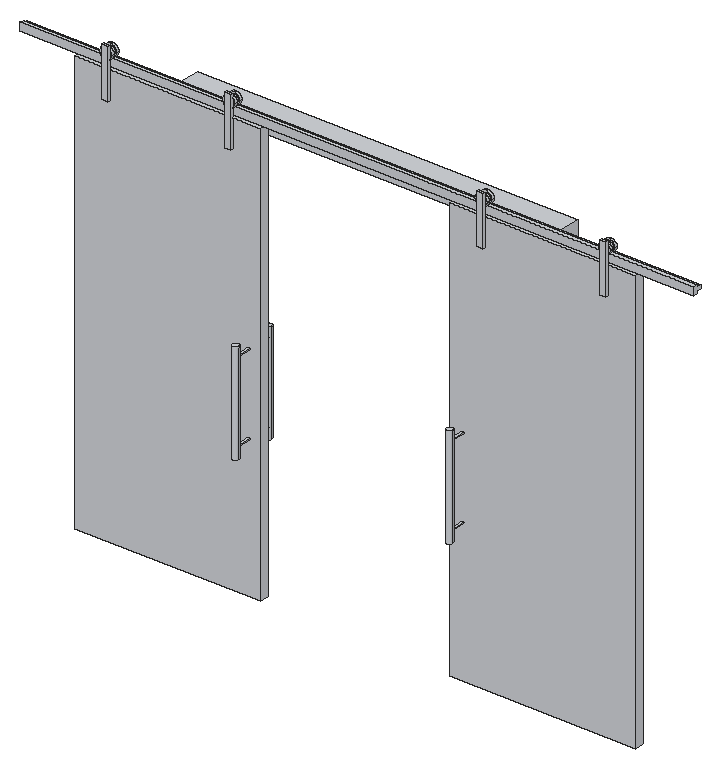
Revit family "Porta de correr sem revestimento - 2 Painéis com trilho de aço inoxidável", category Portas, Revit 2019
Family settings
  Hospedeiro = Parede
  Número OmniClass = 23.30.10.00
  Título OmniClass = Doors
  Sempre na vertical = Sim
  Corte com vazios quando carregada = Não
  Compartilhado = Não
  Ponto de cálculo do ambiente = Não
Parameters (values of type "920 x 2100mm")
  Visual Light Transmittance = 0
  Solar Heat Gain Coefficient = 0
  Comprimento da peça deslizante = Largura + Largura do painel * 2 + 90 mm  # 3810 mm
  Material da apara = none
  Espessura = 45 mm
  Largura bruta = Largura - 80 mm  # 1800 mm
  Rough Height = Height  # 2100 mm
  Material da peça deslizante = none
  Largura do painel = (Largura - 40 mm) / 2  # 920 mm
  Material do painel = none
  ID do tipo de construção = ""
  Coeficiente de transferência de calor (U) = 3.7021 W/(m²·K)
  Material do puxador = none
  Função = Interior
  Height = 2100 mm
  Fechamento da parede = Por hospedeiro
  Largura = 1880 mm
  Largura da estrutura = 50 mm
  Material da moldura = none
  Largura estendida = Largura do painel - 190 mm  # 730 mm
  Construction Type = ""
  Analytic Construction = (empty or 0)
Types (5, lengths in mm): name | Comprimento da peça deslizante | Largura bruta | Largura do painel | Largura | Largura estendida
  (no name) | 3810 | 1800 | 920 | 1880 | 730
  620 x 2100mm | 2610 | 1200 | 620 | 1280 | 430
  720 x 2100mm | 3010 | 1400 | 720 | 1480 | 530
  820 x 2100mm | 3410 | 1600 | 820 | 1680 | 630
  920 x 2100mm | 3810 | 1800 | 920 | 1880 | 730
Reference planes
  plane 1 "Centro (Frente/Trás)": y = 0
  plane 2 "Centro (Esquerda/Direita)": x = 0
  plane 3 "Esquerda": x = -940
  plane 4 "Direita": x = 940
  plane 5: z = 2100
  plane 6 "Exterior": y = 75
  plane 7 "Interior": y = -75
  plane 8: z = 0
  plane 9: z = 1050
  plane 10: y = -80
  plane 11: y = -125
  plane 12: z = 2150
  plane 13: x = -890
  plane 14: x = 1670
  plane 15: x = 2375
  plane 16: x = -470
  plane 17: x = 470
  plane 18: x = 1390
  plane 19: x = 610
  plane 20: x = 1250
  plane 21: x = -1390
  plane 22: x = -1670
  plane 23: x = -610
  plane 24: x = -1250
  plane 25: z = 2150
  plane 26: y = -105
  plane 27: z = 2165
  plane 28: y = -105
  plane 29: x = -530
  plane 30: x = 530
  plane 31: z = 900
  plane 32: x = -930
  plane 33: x = -792.5
  plane 34: x = -1067.5
  plane 35: through (-1067.5, -300, 1050) normal (-0.5, 0, 0.866)
  plane 36: through (-1067.5, -300, 1050) normal (0.5, 0, 0.866)
  plane 37: x = 930
  plane 38: x = 792.5
  plane 39: x = 1067.5
  plane 40: through (1067.5, -300, 1050) normal (-0.5, 0, -0.866)
  plane 41: through (1067.5, -300, 1050) normal (0.5, 0, -0.866)
Forms (mm)
  Sweep 1, solid, material <- "Material da moldura", detail levels medium+fine
    path origin (0, -75, 0) x (1, 0, 0) y (0, 0, 1)
      loop
        line (-940, 0) -> (-940, 2100) -> (940, 2100) -> (940, 0)
    profile origin (-940, -75, 1050) x (-1, 0, 0) y (0, -1, 0)
      loop
        line (0, -150) -> (0, 0) -> (-50, 0) -> (-50, -150) -> (0, -150)
  Sweep 2, solid, material <- "Material da apara"
    path origin (-1150, -75, 0) x (1, 0, 0) y (0, 0, 1)
      loop
        line (-520, 2145) -> (2820, 2145)
    profile origin (0, -75, 2145) x (0, 0, 1) y (0, -1, 0)
      loop
        line (0, 40) -> (-40, 40) -> (-40, 20) -> (-30, 20) -> (-30, 0) -> (-10, 0) -> (-10, 20) -> (0, 20) -> (0, 40)
  Extrusion 3, solid, material <- "Material do painel"
    sketch origin (0, 0, 0) x (1, 0, 0) y (0, 1, 0)
      loop
        line (470, -125) -> (1390, -125) -> (1390, -80) -> (470, -80) -> (470, -125)
    from 0 to 2100
  Extrusion 4, solid, material <- "Material do painel"
    sketch origin (0, 0, 0) x (1, 0, 0) y (0, 1, 0)
      loop
        line (-1390, -80) -> (-1390, -125) -> (-470, -125) -> (-470, -80) -> (-1390, -80)
    from 0 to 2100
Lines and regions (mm)
  Opening 1
    outline origin (-3050, -75, 0) x (1, 0, 0) y (0, 0, 1)
      loop
        line (2110, 0) -> (3990, 0) -> (3990, 2100) -> (2110, 2100) -> (2110, 0)
  symbolic lines, style "Giro da elevação"
    curve 1: line (1390, -75, 2100) -> (470, -75, 0)
    curve 2: line (1390, -75, 0) -> (470, -75, 2100)
    curve 3: line (-470, -75, 2100) -> (-1390, -75, 0)
    curve 4: line (-470, -75, 0) -> (-1390, -75, 2100)
  symbolic lines, style "Seta"
    curve 5: line (-1067.5, -75, 1050) -> (-792.5, -75, 1050)
    curve 6: line (-1067.5, -75, 1050) -> (-989.558, -75, 1095)
    curve 7: line (-1067.5, -75, 1050) -> (-989.558, -75, 1005)
    curve 8: line (1067.5, -75, 1050) -> (792.5, -75, 1050)
    curve 9: line (1067.5, -75, 1050) -> (989.558, -75, 1095)
    curve 10: line (1067.5, -75, 1050) -> (989.558, -75, 1005)
  symbolic lines, style "Recortar", detail levels fine
    curve 11: line (0, -97.772, 2142.043) -> (0, -112.772, 2142.043)
    curve 12: line (0, -97.772, 2108.367) -> (0, -97.772, 2142.043)
    curve 13: line (0, -112.772, 2108.367) -> (0, -97.772, 2108.367)
    curve 14: line (0, -112.772, 2142.043) -> (0, -112.772, 2108.367)
    curve 15: line (0, -112.772, 2142.043) -> (0, -97.772, 2108.367)
    curve 16: line (0, -97.772, 2142.043) -> (0, -112.772, 2108.367)
Text (mm)
  text "Externo" at (-2295.016, 1099.543, 0), in view "Nível de referência"
  text "Externo" at (0, 1615.38, 3698.081), in view "Esquerda"
  text "Externo" at (0, 1036.032, 3874.932), in view "Direita"
Dimensions and locks
  equal spacing: plane 3 "Esquerda", plane 2 "Centro (Esquerda/Direita)", plane 4 "Direita"
  "Largura": plane 3 "Esquerda" to plane 4 "Direita"
  "Height": plane 5 to host wall
  host wall to plane 5 = 2100 mm  (x2)
  locked: plane 6 "Exterior" to host wall at 0
  locked: plane 7 "Interior" to host wall
  equal spacing: level, plane 9, plane 5
  locked: plane 7 "Interior" to plane 10 at 5
  "Espessura": plane 10 to plane 11
  locked: plane 12 to plane 5 at 50
  "Largura da estrutura": plane 3 "Esquerda" to plane 13
  plane 5 to plane 12 = 50 mm
  "Largura estendida": plane 4 "Direita" to plane 14
  "Largura do painel": plane 17 to plane 18
  locked: plane 19 to plane 17 at 140
  locked: plane 18 to plane 20 at 140
  "Largura do painel": plane 21 to plane 16
  equal spacing: plane 3 "Esquerda", plane 16, plane 2 "Centro (Esquerda/Direita)"
  equal spacing: plane 2 "Centro (Esquerda/Direita)", plane 17, plane 4 "Direita"
  "Largura estendida": plane 22 to plane 3 "Esquerda"
  locked: plane 16 to plane 23 at 140
  locked: plane 24 to plane 21 at 140
  locked: plane 26 to plane 11 at 20
  locked: plane 27 to plane 5 at 65
  locked: plane 28 to plane 11 at 20
  locked: plane 29 to plane 16 at 60
  locked: plane 17 to plane 30 at 60
  locked: plane 8 to plane 31 at 900
  equal spacing: plane 16, plane 32, plane 21
  locked: plane 34 to plane 33 at 275
  equal spacing: plane 34, plane 32, plane 33
  locked: curve 6 to curve 6 at 90
  locked: curve 7 to curve 7 at 90
  equal spacing: plane 17, plane 37, plane 18
  locked: plane 39 to plane 38 at 275
  equal spacing: plane 39, plane 37, plane 38
  locked: curve 9 to curve 9 at 90
  locked: curve 10 to curve 10 at 90
  locked: plane 9 to plane 35 (angle 30.00°)
  locked: plane 36 to plane 9 (angle 30.00°)
  locked: plane 40 to plane 9 (angle 30.00°)
  locked: plane 9 to plane 41 (angle 30.00°)
  aligned and locked: plane 3 "Esquerda" to Opening 1 sketch curve
  aligned and locked: plane 5 to Opening 1 sketch curve  (x2)
  aligned and locked: Opening 1 sketch curve to plane 4 "Direita"
  aligned and locked: Opening 1 sketch curve to level
  aligned and locked: plane 1 "Centro (Frente/Trás)" to host wall
  aligned and locked: level to plane 8
  aligned and locked: Sweep 1 sketch curve to plane 3 "Esquerda"
  aligned and locked: plane 4 "Direita" to Sweep 1 sketch curve
  aligned and locked: Sweep 1 sketch curve to plane 13
  aligned and locked: plane 6 "Exterior" to Sweep 1 sketch curve
  aligned and locked: Sweep 1 sketch curve to plane 7 "Interior"
  aligned and locked: Extrusion 3 to plane 17
  aligned and locked: plane 18 to Extrusion 3
  aligned and locked: Extrusion 3 to plane 10
  aligned and locked: Extrusion 3 to plane 11
  aligned and locked: Extrusion 3 to plane 5
  aligned and locked: level to curve 1
  aligned and locked: plane 17 to curve 1
  aligned and locked: level to curve 2
  aligned and locked: plane 18 to curve 2
  aligned and locked: plane 18 to curve 1
  aligned and locked: plane 5 to curve 1
  aligned and locked: plane 17 to curve 2
  aligned and locked: plane 5 to curve 2
  aligned and locked: nested 1 to plane 19
  aligned and locked: nested 2 to plane 20
  aligned and locked: Extrusion 4 sketch curve to plane 10
  aligned and locked: plane 11 to Extrusion 4 sketch curve
  aligned and locked: Extrusion 4 sketch curve to plane 16
  aligned and locked: plane 21 to Extrusion 4 sketch curve
  aligned and locked: Extrusion 4 to plane 5
  aligned and locked: level to curve 3
  aligned and locked: plane 21 to curve 3
  aligned and locked: level to curve 4
  aligned and locked: plane 16 to curve 4
  aligned and locked: plane 16 to curve 3
  aligned and locked: plane 5 to curve 3
  aligned and locked: plane 5 to curve 4
  aligned and locked: plane 21 to curve 4
  aligned and locked: Extrusion 4 to plane 11
  aligned and locked: plane 10 to Extrusion 4
  aligned and locked: plane 14 to Sweep 2
  aligned and locked: plane 22 to Sweep 2 sketch curve
  aligned and locked: plane 14 to Sweep 2 sketch curve
  aligned and locked: plane 23 to nested 3
  aligned and locked: nested 4 to plane 24
  aligned and locked: plane 25 to plane 12
  aligned and locked: plane 27 to nested 4
  aligned and locked: plane 27 to nested 3
  aligned and locked: plane 27 to nested 1
  aligned and locked: plane 27 to nested 2
  aligned and locked: plane 11 to nested 4
  aligned and locked: nested 4 to Sweep 2
  aligned and locked: plane 11 to nested 3
  aligned and locked: nested 3 to Sweep 2
  aligned and locked: plane 11 to nested 1
  aligned and locked: nested 1 to Sweep 2
  aligned and locked: plane 11 to nested 2
  aligned and locked: nested 2 to Sweep 2
  aligned and locked: nested 4 to Sweep 2 sketch curve
  aligned and locked: Sweep 2 sketch curve to nested 4  (x2)
  aligned and locked: Sweep 1 sketch curve to plane 5
  aligned and locked: plane 29 to nested 5
  aligned and locked: plane 11 to nested 5
  aligned and locked: plane 30 to nested 6
  aligned and locked: plane 11 to nested 6
  aligned and locked: plane 31 to nested 6
  aligned and locked: plane 31 to nested 5
  aligned and locked: curve 6 to plane 35
  aligned and locked: plane 36 to curve 7
  aligned and locked: plane 40 to curve 9
  aligned and locked: curve 10 to plane 41
Automatic sketch dimensions
  Sweep 1 sketch curve to level = 0 mm  (x2)
  Sweep 1 sketch curve to profile plane = 0 mm
  Sweep 2 sketch curve to plane 12 = 5 mm
  Sweep 2 sketch curve to plane 7 "Interior" = 0 mm
  profile plane to Sweep 2 sketch curve = 0 mm
  profile plane to Sweep 2 sketch curve = 10 mm
  Sweep 2 sketch curve to Sweep 2 sketch curve = 20 mm
  Sweep 2 sketch curve to Sweep 2 sketch curve = 10 mm
  Extrusion 3 sketch curve to plane 10 = 0 mm
  Extrusion 3 sketch curve to plane 17 = 0 mm
  Extrusion 3 sketch curve to plane 18 = 0 mm
  plane 11 to Extrusion 3 sketch curve = 0 mm
  curve 5 to plane 33 = 0 mm
  plane 38 to curve 8 = 0 mm
  curve 14 to plane 26 = 7.772 mm
  plane 26 to curve 12 = 7.228 mm
  curve 16 to plane 5 = 8.367 mm
  curve 11 to plane 12 = 7.957 mm
Nested families
  nested 1: "Peça deslizante da porta" at (623.971, -95, 2165), Frame Material <- "Construction Type", type "Peça deslizante da porta", detail levels medium+fine
  nested 2: "Peça deslizante da porta" at (1233.971, -95, 2165), Frame Material <- "Construction Type", type "Peça deslizante da porta", detail levels medium+fine
  nested 3: "Peça deslizante da porta" at (-626.029, -95, 2165), Frame Material <- "Construction Type", type "Peça deslizante da porta", detail levels medium+fine
  nested 4: "Peça deslizante da porta" at (-1236.029, -95, 2165), Frame Material <- "Construction Type", type "Peça deslizante da porta", detail levels medium+fine
  nested 5: "Maçaneta da porta 4" at (-530, -102.5, 900), type "Altura 500 mm", detail levels fine
  nested 6: "Maçaneta da porta 4" at (530, -102.5, 900), type "Altura 500 mm", detail levels fine
Definition of nested family "Peça deslizante da porta"
  Parameters
    Material da peça deslizante = none
    Espessura do painel = 45 mm
  Reference planes
    plane 1 "Centro (Frente/Trás)": y = 0
    plane 2: z = 0
    plane 3 "Centro (Esquerda/Direita)": x = 0
    plane 4: y = 0
    plane 5: y = -10
    plane 6: y = -20
    plane 7: y = -30
    plane 8: z = 30
    plane 9: z = 40
    plane 10: z = -205
    plane 11: y = 10
    plane 12: y = -40
    plane 13: z = -20
  Forms (mm)
    Extrusion 1, solid, material <- "Material da peça deslizante"
      sketch origin (0, 0, 0) x (1, 0, 0) y (0, 0, 1)
        loop
          circle (0, 0) r 30
      from -10 to 0
    Extrusion 2, solid, material <- "Material da peça deslizante"
      sketch origin (0, 0, 0) x (1, 0, 0) y (0, 0, 1)
        loop
          circle (0, 0) r 20
      from 0 to 20
    Extrusion 3, solid, material <- "Material da peça deslizante"
      sketch origin (0, 0, 0) x (1, 0, 0) y (0, 0, 1)
        loop
          line (16.029, 40) -> (-13.971, 40) -> (-13.971, -205) -> (16.029, -205) -> (16.029, 40)
      from 30 to 40
    Extrusion 4, solid, material <- "Material da peça deslizante"
      sketch origin (0, 0, 0) x (1, 0, 0) y (0, 0, 1)
        loop
          circle (0, 0) r 30
      from 20 to 30
  Dimensions and locks
    locked: plane 9 to plane 8 at 10
    locked: plane 9 to plane 10 at 245
    plane 2 to plane 13 = 20 mm
    aligned and locked: level to plane 2
    aligned and locked: plane 4 to Extrusion 1
    aligned and locked: Extrusion 2 to plane 4
    aligned and locked: plane 9 to Extrusion 3
    aligned and locked: Extrusion 3 to plane 10
    aligned and locked: plane 11 to Extrusion 1
    aligned and locked: Extrusion 4 to plane 6
    aligned and locked: plane 7 to Extrusion 4
Definition of nested family "Maçaneta da porta 4"
  Parameters
    Espessura do painel = 45 mm
    Material do puxador = none
    Raio do puxador = 15 mm
    Altura do puxador = 500 mm
    Profundidade do puxador = 80 mm
    Raio do conector = 5 mm
    Altura do conector = Altura do puxador - 100 mm  # 400 mm
    Assembly Code = ""
  Reference planes
    plane 1 "Centro (Frente/Trás)": y = 0
    plane 2: z = 0
    plane 3 "Centro (Esquerda/Direita)": x = 0
    plane 4: z = 250
    plane 5: y = -102.5
    plane 6: z = -250
    plane 7: z = 200
    plane 8: z = -200
    plane 9: y = -22.5
    plane 10: y = 22.5
    plane 11: y = 102.5
  Forms (mm)
    Extrusion 1, solid, material <- "Material do puxador"
      sketch origin (0, -30.569, 0) x (1, 0, 0) y (0, 1, 0)
        loop
          circle (0, -71.931) r 15
      from -250 to 250
    Extrusion 2, solid, material <- "Material do puxador"
      sketch origin (0, 0, 0) x (1, 0, 0) y (0, 0, 1)
        loop
          circle (0, 200) r 5
        loop
          circle (0, -200) r 5
      from 22.5 to 102.5
    Extrusion 3, solid, material <- "Material do puxador"
      sketch origin (0, 0, 0) x (1, 0, 0) y (0, 0, -1)
        loop
          circle (0, -200) r 5
        loop
          circle (0, 200) r 5
      from 22.5 to 102.5
    Extrusion 4, solid, material <- "Material do puxador"
      sketch origin (0, 30.569, 0) x (1, 0, 0) y (0, 1, 0)
        loop
          circle (0, 71.931) r 15
      from -250 to 250
  Dimensions and locks
    equal spacing: plane 4, plane 2, plane 6
    "Altura do puxador": plane 4 to plane 6
    equal spacing: plane 7, plane 2, plane 8
    "Altura do conector": plane 7 to plane 8
    equal spacing: plane 9, plane 1 "Centro (Frente/Trás)", plane 10
    "Profundidade do puxador": plane 9 to plane 5
    "Profundidade do puxador": plane 10 to plane 11
    "Espessura do painel": plane 9 to plane 10
    "Raio do puxador": radius of Extrusion 1 sketch curve
    "Raio do conector": radius of Extrusion 2 sketch curve  (x2)
    "Raio do conector": radius of Extrusion 3 sketch curve  (x2)
    "Raio do puxador": radius of Extrusion 4 sketch curve
    aligned and locked: plane 6 to Extrusion 1
    aligned and locked: plane 4 to Extrusion 1
    aligned: Extrusion 2 to plane 5
    aligned and locked: Extrusion 2 to plane 5  (x2)
    aligned and locked: plane 9 to Extrusion 2
    aligned and locked: plane 5 to Extrusion 1 sketch curve
    aligned and locked: plane 3 "Centro (Esquerda/Direita)" to Extrusion 1 sketch curve
    aligned and locked: Extrusion 2 to plane 9  (x2)
    aligned and locked: plane 10 to Extrusion 3
    aligned and locked: Extrusion 3 to plane 11
    aligned and locked: plane 11 to Extrusion 4 sketch curve
    aligned and locked: plane 3 "Centro (Esquerda/Direita)" to Extrusion 4 sketch curve
    aligned and locked: plane 4 to Extrusion 4
    aligned and locked: plane 6 to Extrusion 4
  Automatic sketch dimensions
    Extrusion 2 sketch curve to plane 3 "Centro (Esquerda/Direita)" = 0 mm  (x2)
    Extrusion 2 sketch curve to plane 8 = 0 mm
    Extrusion 2 sketch curve to plane 7 = 0 mm
    Extrusion 3 sketch curve to plane 3 "Centro (Esquerda/Direita)" = 0 mm  (x2)
    Extrusion 3 sketch curve to plane 7 = 0 mm
    Extrusion 3 sketch curve to plane 8 = 0 mm
